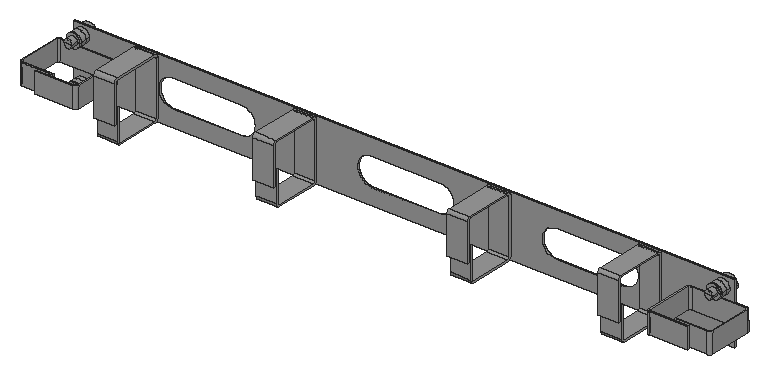
Revit family "ITK Кабельный органайзер 1U 2 боковых горизонтальных и 4 вертикальных кольца", category Обобщенные модели, Revit 2016
Family settings
  Тип детали = Нормальный
  Может служить основой для арматурных стержней = Нет
  Размер круглого соединителя = Использовать диаметр
  На основе рабочей плоскости = Нет
  Всегда вертикально = Да
  При загрузке вырезать с полостями = Нет
  Общий = Нет
  Точка расчета площади = Нет
Parameters (values of type "CO35-1M6R")
  Ширина = 483 mm
  Высота = 44.5 mm
  Описание = "19-дюймовые кабельные организаторы ITK предназначены для горизонтальной организации кабеля и кабельных пучков в шкафах и стойках для укладки кабелей в пространствах между коммутационными панелями и установленным активным оборудованием, обеспечивают их поддержку в пределах монтажной высоты шкафа, гарантируют необходимый радиус изгиба коммутационных шнуров и кабеля при подведении их к оборудованию, позволяют избежать перекручивания и спутывания кабелей. При использовании кабельных организаторов существенно снижается вероятность появления сильных перегибов и изломов кабелей, повышается скорость и эффективность работы IT-специалистов и администраторов при обслуживании шкафов и стоек.\r\n\r\nКабельные органайзеры устанавливаются на 19-дюймовые монтажные профили, занимая при этом один или два юнита полезной высоты. Монтаж осуществляется с помощью крепежа винт-шайба-гайка.\r\n\r\nГоризонтальные кабельные организаторы представлены двумя основными видами: открытый органайзер с кольцами или закрытого типа с крышкой. Высота органайзеров: 1U или 2U. Материал: листовая сталь. В комплект поставки входит органайзер и комплект крепежа.\r\nСовместимы со всеми 19-дюймовыми шкафами и стойками ITK.\r\nОбладают современным привлекательным дизайном и продуманной конструкцией.\r\nУдобны в монтаже и эксплуатации.\r\nСоответствие международным стандартам ISO9001, IEC 297, ISO/IEC 11801. \r\nСертифицированы по ГОСТ Р.\r\nВсе аксессуары идут с крепежом.\r\nВозможно исполнение в двух цветах: серый (RAL7035) и черный (RAL9005).\r\nВсегда в наличии на складе.\r\nГарантия на все аксессуары до 2-х лет."  # constant formula
  Материал = Окраска - RAL 7035
  Type Comments = ""
  Изготовитель = "ITK"  # constant formula
  Глубина = 12 mm
  URL = "http://www.itk-group.ru/produktsiya/catalog/?page=section&id=564&pagen=1&pagec=100"
  ADSK_Примечание = ""
  ADSK_Позиция [instance] = ""
  ADSK_Наименование краткое = "CO35-1M6R"
  ADSK_Наименование = "ITK Кабельный органайзер 1U 2 боковых горизонтальных и 4 вертикальных кольца, серый"
  ADSK_Масса = 0
  ADSK_Марка = "CO35-1M6R"
  ADSK_Код изделия = ""
  ADSK_Завод-изготовитель = "IEK"
  ADSK_Единица измерения = "шт"
  ADSK_Группирование = "I. ЩИТЫ И ПУЛЬТЫ"
Types (2, lengths in mm): name | Материал | ADSK_Наименование краткое | ADSK_Наименование | ADSK_Марка
  CO05-1M6R | Окраска - RAL 9005 | "CO05-1M6R" | "ITK Кабельный органайзер 1U 2 боковых горизонтальных и 4 вертикальных кольца, черный" | "CO05-1M6R"
  CO35-1M6R | Окраска - RAL 7035 | "CO35-1M6R" | "ITK Кабельный органайзер 1U 2 боковых горизонтальных и 4 вертикальных кольца, серый" | "CO35-1M6R"
Reference planes
  plane 1 "По центру (Вперед/Назад)": y = 0
  plane 2: z = 0
  plane 3 "По центру (Влево/Вправо)": x = 0
  plane 4: x = -241.5
  plane 5: x = 241.5
  plane 6: y = -1
  plane 7: x = -223.188
  plane 8: x = 222.388
  plane 9: z = 44.5
  plane 10: y = 11
  plane 11: x = -173
  plane 12: x = -98
  plane 13: x = -83
  plane 14: x = -8
  plane 15: x = 7
  plane 16: x = 173
  plane 17: x = 98
  plane 18: x = 83
  plane 19: z = 5.937
  plane 20: z = 38.25
  plane 21: z = 22.25
Forms (mm)
  Extrusion 1, solid, material "Окраска - RAL 7035" <- "Материал", detail levels fine
    sketch origin (0, 0, 0) x (1, 0, 0) y (0, 1, 0)
      loop
        line (-241.5, 0) -> (-241.5, -1) -> (241.5, -1) -> (241.5, 0) -> (-241.5, 0)
    from 0 to 44.5
  Extrusion 2, void
    sketch origin (-2000, -1, 1200) x (-1, 0, 0) y (0, 0, -1)
      loop
        circle (-1765.975, 1161.75) r 2.967
      loop
        circle (-1765.975, 1194.062) r 2.967
      loop
        circle (-2234.025, 1161.75) r 2.967
      loop
        circle (-2234.025, 1194.062) r 2.967
    from -1 to 0
  Revolve 3, solid, material "Окраска - RAL 7035" <- "Материал", detail levels fine
    sketch origin (0, 29.553, 5.938) x (0, 1, 0) y (-1, 0, 0)
      loop
        line (-44.803, 236.911) -> (-44.803, 234.025) -> (-26.053, 234.025) -> (-26.053, 240.161) -> (-29.553, 240.161) -> (-29.553, 236.911) -> (-32.003, 236.911) -> (-32.003, 239.143)
        arc (-32.003, 239.143) -> (-33.603, 239.05) -> (-35.203, 239.122) r 15.465
        line (-35.203, 239.122) -> (-39.203, 239.122)
        arc (-39.203, 239.122) -> (-39.704, 239.122) -> (-40.203, 239.083) r 6.422
        line (-40.203, 239.083) -> (-40.203, 236.911) -> (-44.803, 236.911)
      axis (-26.053, 234.025) -> (-44.803, 234.025)
    angle from 0 to 360
  Revolve 4, solid, material "Окраска - RAL 7035" <- "Материал", detail levels fine
    sketch origin (0, 30.928, 38.25) x (0, 1, 0) y (-1, 0, 0)
      loop
        line (-46.178, 236.911) -> (-46.178, 234.025) -> (-27.428, 234.025) -> (-27.428, 240.161) -> (-30.928, 240.161) -> (-30.928, 236.911) -> (-33.378, 236.911) -> (-33.378, 239.143)
        arc (-33.378, 239.143) -> (-34.978, 239.05) -> (-36.578, 239.122) r 15.465
        line (-36.578, 239.122) -> (-40.578, 239.122)
        arc (-40.578, 239.122) -> (-41.079, 239.122) -> (-41.578, 239.083) r 6.422
        line (-41.578, 239.083) -> (-41.578, 236.911) -> (-46.178, 236.911)
      axis (-27.428, 234.025) -> (-46.178, 234.025)
    angle from 0 to 360
  Revolve 5, solid, material "Окраска - RAL 7035" <- "Материал", detail levels fine
    sketch origin (467.046, 30.928, 38.25) x (0, 1, 0) y (-1, 0, 0)
      loop
        line (-46.178, 235.911) -> (-46.178, 233.025) -> (-27.428, 233.025) -> (-27.428, 239.161) -> (-30.928, 239.161) -> (-30.928, 235.911) -> (-33.378, 235.911) -> (-33.378, 238.143)
        arc (-33.378, 238.143) -> (-34.978, 238.05) -> (-36.578, 238.122) r 15.465
        line (-36.578, 238.122) -> (-40.578, 238.122)
        arc (-40.578, 238.122) -> (-41.079, 238.122) -> (-41.578, 238.083) r 6.422
        line (-41.578, 238.083) -> (-41.578, 235.911) -> (-46.178, 235.911)
      axis (-27.428, 233.025) -> (-46.178, 233.025)
    angle from 0 to 360
  Revolve 6, solid, material "Окраска - RAL 7035" <- "Материал", detail levels fine
    sketch origin (0, 30.928, 5.938) x (0, 1, 0) y (-1, 0, 0)
      loop
        line (-46.178, -231.135) -> (-46.178, -234.021) -> (-27.428, -234.021) -> (-27.428, -227.885) -> (-30.928, -227.885) -> (-30.928, -231.135) -> (-33.378, -231.135) -> (-33.378, -228.903)
        arc (-33.378, -228.903) -> (-34.978, -228.997) -> (-36.578, -228.924) r 15.465
        line (-36.578, -228.924) -> (-40.578, -228.924)
        arc (-40.578, -228.924) -> (-41.079, -228.924) -> (-41.578, -228.963) r 6.422
        line (-41.578, -228.963) -> (-41.578, -231.135) -> (-46.178, -231.135)
      axis (-27.428, -234.021) -> (-46.178, -234.021)
    angle from 0 to 360
  Extrusion 7, void
    sketch origin (-2000, -1, 1200) x (1, 0, 0) y (0, 0, -1)
      loop
        line (1831.505, 1167.429) -> (1881.157, 1167.429)
        arc (1881.157, 1167.429) -> (1891.477, 1177.75) -> (1881.157, 1188.071) r 10.321
        line (1881.157, 1188.071) -> (1831.505, 1188.071)
        arc (1831.505, 1188.071) -> (1821.184, 1177.75) -> (1831.505, 1167.429) r 10.321
      loop
        line (1976.505, 1167.429) -> (2026.157, 1167.429)
        arc (2026.157, 1167.429) -> (2036.477, 1177.75) -> (2026.157, 1188.071) r 10.321
        line (2026.157, 1188.071) -> (1976.505, 1188.071)
        arc (1976.505, 1188.071) -> (1966.184, 1177.75) -> (1976.505, 1167.429) r 10.321
      loop
        line (2111.505, 1167.429) -> (2161.157, 1167.429)
        arc (2161.157, 1167.429) -> (2171.477, 1177.75) -> (2161.157, 1188.071) r 10.321
        line (2161.157, 1188.071) -> (2111.505, 1188.071)
        arc (2111.505, 1188.071) -> (2101.184, 1177.75) -> (2111.505, 1167.429) r 10.321
    from 0 to 1
  Sweep 8, solid, material "Окраска - RAL 7035" <- "Материал", detail levels fine
    path origin (12.076, 0, 0) x (1, 0, 0) y (0, 1, 0)
      loop
        line (-207.278, -16) -> (-192.269, -16)
    profile origin (-187.698, -16, 0) x (0, 1, 0) y (0, 0, 1)
      loop
        line (13.966, 42.073) -> (13.966, 2.427)
        arc (13.966, 2.427) -> (13.548, 1.418) -> (12.539, 1) r 1.427
        line (12.539, 1) -> (-18.621, 1)
        arc (-18.621, 1) -> (-19.63, 1.418) -> (-20.048, 2.427) r 1.427
        line (-20.048, 2.427) -> (-20.048, 25.016) -> (-21.048, 25.016) -> (-21.048, 2.427)
        arc (-21.048, 2.427) -> (-20.337, 0.711) -> (-18.621, 0) r 2.427
        line (-18.621, 0) -> (12.573, 0)
        arc (12.573, 0) -> (14.289, 0.711) -> (15, 2.427) r 2.427
        line (15, 2.427) -> (15, 42.073)
        arc (15, 42.073) -> (14.289, 43.789) -> (12.573, 44.5) r 2.427
        line (12.573, 44.5) -> (-21.624, 44.5)
        arc (-21.624, 44.5) -> (-23.321, 43.797) -> (-24.024, 42.1) r 2.4
        line (-24.024, 42.1) -> (-24.024, 14.609) -> (-23.024, 14.609) -> (-23.024, 42.1)
        arc (-23.024, 42.1) -> (-22.614, 43.09) -> (-21.624, 43.5) r 1.4
        line (-21.624, 43.5) -> (12.539, 43.5)
        arc (12.539, 43.5) -> (13.548, 43.082) -> (13.966, 42.073) r 1.427
  Sweep 9, solid, material "Окраска - RAL 7035" <- "Материал", detail levels fine
    path origin (128.108, 0, 0) x (1, 0, 0) y (0, 1, 0)
      loop
        line (-207.278, -16) -> (-192.269, -16)
    profile origin (-71.665, -16, 0) x (0, 1, 0) y (0, 0, 1)
      loop
        line (13.966, 42.073) -> (13.966, 2.427)
        arc (13.966, 2.427) -> (13.548, 1.418) -> (12.539, 1) r 1.427
        line (12.539, 1) -> (-18.621, 1)
        arc (-18.621, 1) -> (-19.63, 1.418) -> (-20.048, 2.427) r 1.427
        line (-20.048, 2.427) -> (-20.048, 25.016) -> (-21.048, 25.016) -> (-21.048, 2.427)
        arc (-21.048, 2.427) -> (-20.337, 0.711) -> (-18.621, 0) r 2.427
        line (-18.621, 0) -> (12.573, 0)
        arc (12.573, 0) -> (14.289, 0.711) -> (15, 2.427) r 2.427
        line (15, 2.427) -> (15, 42.073)
        arc (15, 42.073) -> (14.289, 43.789) -> (12.573, 44.5) r 2.427
        line (12.573, 44.5) -> (-21.624, 44.5)
        arc (-21.624, 44.5) -> (-23.321, 43.797) -> (-24.024, 42.1) r 2.4
        line (-24.024, 42.1) -> (-24.024, 14.609) -> (-23.024, 14.609) -> (-23.024, 42.1)
        arc (-23.024, 42.1) -> (-22.614, 43.09) -> (-21.624, 43.5) r 1.4
        line (-21.624, 43.5) -> (12.539, 43.5)
        arc (12.539, 43.5) -> (13.548, 43.082) -> (13.966, 42.073) r 1.427
  Sweep 10, solid, material "Окраска - RAL 7035" <- "Материал", detail levels fine
    path origin (270, 0, 0) x (1, 0, 0) y (0, 1, 0)
      loop
        line (-207.278, -16) -> (-192.269, -16)
    profile origin (70.226, -16, 0) x (0, 1, 0) y (0, 0, 1)
      loop
        line (13.966, 42.073) -> (13.966, 2.427)
        arc (13.966, 2.427) -> (13.548, 1.418) -> (12.539, 1) r 1.427
        line (12.539, 1) -> (-18.621, 1)
        arc (-18.621, 1) -> (-19.63, 1.418) -> (-20.048, 2.427) r 1.427
        line (-20.048, 2.427) -> (-20.048, 25.016) -> (-21.048, 25.016) -> (-21.048, 2.427)
        arc (-21.048, 2.427) -> (-20.337, 0.711) -> (-18.621, 0) r 2.427
        line (-18.621, 0) -> (12.573, 0)
        arc (12.573, 0) -> (14.289, 0.711) -> (15, 2.427) r 2.427
        line (15, 2.427) -> (15, 42.073)
        arc (15, 42.073) -> (14.289, 43.789) -> (12.573, 44.5) r 2.427
        line (12.573, 44.5) -> (-21.624, 44.5)
        arc (-21.624, 44.5) -> (-23.321, 43.797) -> (-24.024, 42.1) r 2.4
        line (-24.024, 42.1) -> (-24.024, 14.609) -> (-23.024, 14.609) -> (-23.024, 42.1)
        arc (-23.024, 42.1) -> (-22.614, 43.09) -> (-21.624, 43.5) r 1.4
        line (-21.624, 43.5) -> (12.539, 43.5)
        arc (12.539, 43.5) -> (13.548, 43.082) -> (13.966, 42.073) r 1.427
  Sweep 11, solid, material "Окраска - RAL 7035" <- "Материал", detail levels fine
    path origin (380.278, 0, 0) x (1, 0, 0) y (0, 1, 0)
      loop
        line (-207.278, -16) -> (-192.269, -16)
    profile origin (180.505, -16, 0) x (0, 1, 0) y (0, 0, 1)
      loop
        line (13.966, 42.073) -> (13.966, 2.427)
        arc (13.966, 2.427) -> (13.548, 1.418) -> (12.539, 1) r 1.427
        line (12.539, 1) -> (-18.621, 1)
        arc (-18.621, 1) -> (-19.63, 1.418) -> (-20.048, 2.427) r 1.427
        line (-20.048, 2.427) -> (-20.048, 25.016) -> (-21.048, 25.016) -> (-21.048, 2.427)
        arc (-21.048, 2.427) -> (-20.337, 0.711) -> (-18.621, 0) r 2.427
        line (-18.621, 0) -> (12.573, 0)
        arc (12.573, 0) -> (14.289, 0.711) -> (15, 2.427) r 2.427
        line (15, 2.427) -> (15, 42.073)
        arc (15, 42.073) -> (14.289, 43.789) -> (12.573, 44.5) r 2.427
        line (12.573, 44.5) -> (-21.624, 44.5)
        arc (-21.624, 44.5) -> (-23.321, 43.797) -> (-24.024, 42.1) r 2.4
        line (-24.024, 42.1) -> (-24.024, 14.609) -> (-23.024, 14.609) -> (-23.024, 42.1)
        arc (-23.024, 42.1) -> (-22.614, 43.09) -> (-21.624, 43.5) r 1.4
        line (-21.624, 43.5) -> (12.539, 43.5)
        arc (12.539, 43.5) -> (13.548, 43.082) -> (13.966, 42.073) r 1.427
  Sweep 12, solid, material "Окраска - RAL 7035" <- "Материал", detail levels fine
    path origin (252.9, 0, 222.024) x (0, 0, 1) y (0, 1, 0)
      loop
        line (-207.278, -16) -> (-192.269, -16)
    profile origin (252.9, -16, 22.25) x (0, 1, 0) y (-1, 0, 0)
      loop
        line (13.966, 42.073) -> (13.966, 2.427)
        arc (13.966, 2.427) -> (13.548, 1.418) -> (12.539, 1) r 1.427
        line (12.539, 1) -> (-18.621, 1)
        arc (-18.621, 1) -> (-19.63, 1.418) -> (-20.048, 2.427) r 1.427
        line (-20.048, 2.427) -> (-20.048, 25.016) -> (-21.048, 25.016) -> (-21.048, 2.427)
        arc (-21.048, 2.427) -> (-20.337, 0.711) -> (-18.621, 0) r 2.427
        line (-18.621, 0) -> (12.573, 0)
        arc (12.573, 0) -> (14.289, 0.711) -> (15, 2.427) r 2.427
        line (15, 2.427) -> (15, 42.073)
        arc (15, 42.073) -> (14.289, 43.789) -> (12.573, 44.5) r 2.427
        line (12.573, 44.5) -> (-21.624, 44.5)
        arc (-21.624, 44.5) -> (-23.321, 43.797) -> (-24.024, 42.1) r 2.4
        line (-24.024, 42.1) -> (-24.024, 14.609) -> (-23.024, 14.609) -> (-23.024, 42.1)
        arc (-23.024, 42.1) -> (-22.614, 43.09) -> (-21.624, 43.5) r 1.4
        line (-21.624, 43.5) -> (12.539, 43.5)
        arc (12.539, 43.5) -> (13.548, 43.082) -> (13.966, 42.073) r 1.427
  Sweep 13, solid, material "Окраска - RAL 7035" <- "Материал", detail levels fine
    path origin (-252.9, 0, 222.024) x (0, 0, 1) y (0, -1, 0)
      loop
        line (-207.278, 16) -> (-192.269, 16)
    profile origin (-252.9, -16, 22.25) x (0, -1, 0) y (1, 0, 0)
      loop
        arc (-13.966, 42.073) -> (-13.548, 43.082) -> (-12.539, 43.5) r 1.427
        line (-12.539, 43.5) -> (21.624, 43.5)
        arc (21.624, 43.5) -> (22.614, 43.09) -> (23.024, 42.1) r 1.4
        line (23.024, 42.1) -> (23.024, 14.609) -> (24.024, 14.609) -> (24.024, 42.1)
        arc (24.024, 42.1) -> (23.321, 43.797) -> (21.624, 44.5) r 2.4
        line (21.624, 44.5) -> (-12.573, 44.5)
        arc (-12.573, 44.5) -> (-14.289, 43.789) -> (-15, 42.073) r 2.427
        line (-15, 42.073) -> (-15, 2.427)
        arc (-15, 2.427) -> (-14.289, 0.711) -> (-12.573, 0) r 2.427
        line (-12.573, 0) -> (18.621, 0)
        arc (18.621, 0) -> (20.337, 0.711) -> (21.048, 2.427) r 2.427
        line (21.048, 2.427) -> (21.048, 25.016) -> (20.048, 25.016) -> (20.048, 2.427)
        arc (20.048, 2.427) -> (19.63, 1.418) -> (18.621, 1) r 1.427
        line (18.621, 1) -> (-12.539, 1)
        arc (-12.539, 1) -> (-13.548, 1.418) -> (-13.966, 2.427) r 1.427
        line (-13.966, 2.427) -> (-13.966, 42.073)
Cuts and joins
  Extrusion 2, Extrusion 7 cuts Extrusion 1
Dimensions and locks
  equal spacing: plane 4, plane 3 "По центру (Влево/Вправо)", plane 5
  "Ширина": plane 4 to plane 5
  plane 8 to plane 5 = 19.112 mm
  plane 4 to plane 7 = 18.312 mm
  "Высота": plane 9 to plane 2
  plane 6 to plane 1 "По центру (Вперед/Назад)" = 1 mm
  "Глубина": plane 6 to plane 10
  plane 19 to plane 2 = 5.937 mm
  plane 9 to plane 20 = 6.25 mm
  equal spacing: plane 9, plane 21, plane 2
  aligned and locked: level to plane 2
  aligned and locked: plane 1 "По центру (Вперед/Назад)" to Extrusion 1 sketch curve
  aligned and locked: plane 4 to Extrusion 1 sketch curve
  aligned and locked: Extrusion 1 sketch curve to plane 6
  aligned and locked: plane 5 to Extrusion 1 sketch curve
  aligned and locked: plane 9 to Extrusion 1
  aligned and locked: Extrusion 1 to plane 2
  aligned and locked: Extrusion 2 to plane 1 "По центру (Вперед/Назад)"
  aligned and locked: plane 6 to Extrusion 2
  aligned and locked: Revolve 3 sketch curve to Revolve 3 sketch curve
  aligned and locked: Revolve 4 sketch curve to Revolve 4 sketch curve
  aligned and locked: Revolve 5 sketch curve to Revolve 5 sketch curve
  aligned and locked: Revolve 6 sketch curve to Revolve 6 sketch curve
  aligned and locked: Sweep 8 sketch curve to plane 9
  aligned and locked: Sweep 9 sketch curve to plane 9
  aligned and locked: Sweep 10 sketch curve to plane 9
  aligned and locked: Sweep 11 sketch curve to plane 9
Automatic sketch dimensions
  Extrusion 2 sketch curve to plane 20 = 0 mm  (x2)
  Extrusion 2 sketch curve to plane 19 = 0 mm  (x2)
  Extrusion 2 sketch curve to plane 5 = 7.475 mm  (x2)
  Extrusion 2 sketch curve to plane 4 = 7.475 mm  (x2)
  plane 1 "По центру (Вперед/Назад)" to Revolve 3 sketch curve = 0 mm
  plane 6 to Revolve 3 sketch curve = 1.45 mm
  plane 6 to Revolve 3 sketch curve = 3.15 mm
  Revolve 3 sketch curve to Revolve 3 sketch curve = 3.2 mm
  Revolve 3 sketch curve to Revolve 3 sketch curve = 4 mm
  Revolve 3 sketch curve to Revolve 3 sketch curve = 0.25 mm
  Revolve 3 sketch curve to Revolve 3 sketch curve = 1 mm
  Revolve 3 sketch curve to Revolve 3 sketch curve = 4.6 mm
  Revolve 3 sketch curve to plane 1 "По центру (Вперед/Назад)" = 3.5 mm
  plane 4 to Revolve 3 sketch curve = 8.795 mm
  Revolve 3 sketch curve to Revolve 3 sketch curve = 1.32 mm
  Revolve 3 sketch curve to Revolve 3 sketch curve = 4.206 mm
  Revolve 3 sketch curve to Revolve 3 sketch curve = 2.886 mm
  Revolve 3 sketch curve to Revolve 3 sketch curve = 2.172 mm
  Revolve 3 sketch curve to Revolve 3 sketch curve = 2.232 mm
  plane 4 to Revolve 3 sketch curve = 1.339 mm
  Revolve 3 sketch curve to Revolve 3 sketch curve = 0 mm  (x2)
  plane 1 "По центру (Вперед/Назад)" to Revolve 4 sketch curve = 0 mm
  plane 6 to Revolve 4 sketch curve = 1.45 mm
  plane 6 to Revolve 4 sketch curve = 3.15 mm
  Revolve 4 sketch curve to Revolve 4 sketch curve = 3.2 mm
  Revolve 4 sketch curve to Revolve 4 sketch curve = 4 mm
  Revolve 4 sketch curve to Revolve 4 sketch curve = 0.25 mm
  Revolve 4 sketch curve to Revolve 4 sketch curve = 1 mm
  Revolve 4 sketch curve to Revolve 4 sketch curve = 4.6 mm
  Revolve 4 sketch curve to plane 1 "По центру (Вперед/Назад)" = 3.5 mm
  plane 4 to Revolve 4 sketch curve = 8.795 mm
  Revolve 4 sketch curve to Revolve 4 sketch curve = 1.32 mm
  Revolve 4 sketch curve to Revolve 4 sketch curve = 4.206 mm
  Revolve 4 sketch curve to Revolve 4 sketch curve = 2.886 mm
  Revolve 4 sketch curve to Revolve 4 sketch curve = 2.172 mm
  Revolve 4 sketch curve to Revolve 4 sketch curve = 2.232 mm
  plane 4 to Revolve 4 sketch curve = 1.339 mm
  Revolve 4 sketch curve to Revolve 4 sketch curve = 0 mm  (x2)
  plane 1 "По центру (Вперед/Назад)" to Revolve 5 sketch curve = 0 mm
  plane 6 to Revolve 5 sketch curve = 1.45 mm
  plane 6 to Revolve 5 sketch curve = 3.15 mm
  Revolve 5 sketch curve to Revolve 5 sketch curve = 3.2 mm
  Revolve 5 sketch curve to Revolve 5 sketch curve = 4 mm
  Revolve 5 sketch curve to Revolve 5 sketch curve = 0.25 mm
  Revolve 5 sketch curve to Revolve 5 sketch curve = 1 mm
  Revolve 5 sketch curve to Revolve 5 sketch curve = 4.6 mm
  Revolve 5 sketch curve to plane 1 "По центру (Вперед/Назад)" = 3.5 mm
  plane 5 to Revolve 5 sketch curve = 6.159 mm
  Revolve 5 sketch curve to Revolve 5 sketch curve = 1.32 mm
  Revolve 5 sketch curve to Revolve 5 sketch curve = 4.206 mm
  Revolve 5 sketch curve to Revolve 5 sketch curve = 2.886 mm
  Revolve 5 sketch curve to Revolve 5 sketch curve = 2.172 mm
  Revolve 5 sketch curve to Revolve 5 sketch curve = 2.232 mm
  Revolve 5 sketch curve to Revolve 5 sketch curve = 1.018 mm
  Revolve 5 sketch curve to Revolve 5 sketch curve = 0 mm  (x2)
  plane 1 "По центру (Вперед/Назад)" to Revolve 6 sketch curve = 0 mm
  plane 6 to Revolve 6 sketch curve = 1.45 mm
  plane 6 to Revolve 6 sketch curve = 3.15 mm
  Revolve 6 sketch curve to Revolve 6 sketch curve = 3.2 mm
  Revolve 6 sketch curve to Revolve 6 sketch curve = 4 mm
  Revolve 6 sketch curve to Revolve 6 sketch curve = 0.25 mm
  Revolve 6 sketch curve to Revolve 6 sketch curve = 1 mm
  Revolve 6 sketch curve to Revolve 6 sketch curve = 4.6 mm
  Revolve 6 sketch curve to plane 1 "По центру (Вперед/Назад)" = 3.5 mm
  plane 5 to Revolve 6 sketch curve = 6.159 mm
  Revolve 6 sketch curve to Revolve 6 sketch curve = 1.32 mm
  Revolve 6 sketch curve to Revolve 6 sketch curve = 4.206 mm
  Revolve 6 sketch curve to Revolve 6 sketch curve = 2.886 mm
  Revolve 6 sketch curve to Revolve 6 sketch curve = 2.172 mm
  Revolve 6 sketch curve to Revolve 6 sketch curve = 2.232 mm
  Revolve 6 sketch curve to Revolve 6 sketch curve = 1.018 mm
  Revolve 6 sketch curve to Revolve 6 sketch curve = 0 mm  (x2)
  Extrusion 7 sketch curve to plane 21 = 0 mm  (x3)
  Extrusion 7 sketch curve to plane 11 = 4.505 mm
  plane 12 to Extrusion 7 sketch curve = 20.843 mm
  plane 20 to Extrusion 7 sketch curve = 5.679 mm  (x2)
  plane 14 to Extrusion 7 sketch curve = 15.495 mm
  Extrusion 7 sketch curve to plane 15 = 19.157 mm
  plane 17 to Extrusion 7 sketch curve = 13.505 mm
  Extrusion 7 sketch curve to plane 16 = 11.843 mm
  Extrusion 7 sketch curve to plane 19 = 5.992 mm
  Sweep 8 sketch curve to plane 11 = 22.202 mm
  Sweep 8 sketch curve to plane 11 = 7.193 mm
  plane 6 to Sweep 8 sketch curve = 15 mm
  Sweep 8 sketch curve to Sweep 8 sketch curve = 0 mm  (x4)
  Sweep 8 sketch curve to level = 0 mm
  profile plane to Sweep 8 sketch curve = 24.024 mm
  Sweep 8 sketch curve to Sweep 8 sketch curve = 1 mm  (x2)
  Sweep 8 sketch curve to Sweep 8 sketch curve = 1.4 mm
  Sweep 8 sketch curve to Sweep 8 sketch curve = 1.976 mm
  Sweep 8 sketch curve to Sweep 8 sketch curve = 1.427 mm
  Sweep 8 sketch curve to profile plane = 12.539 mm  (x2)
  Sweep 8 sketch curve to Sweep 8 sketch curve = 0.034 mm  (x2)
  Sweep 8 sketch curve to Sweep 8 sketch curve = 1.393 mm
  Sweep 8 sketch curve to Sweep 8 sketch curve = 1.034 mm
  Sweep 8 sketch curve to Sweep 8 sketch curve = 12.182 mm
  Sweep 8 sketch curve to Sweep 8 sketch curve = 10.406 mm
  plane 13 to Sweep 9 sketch curve = 3.83 mm
  plane 6 to Sweep 9 sketch curve = 15 mm
  Sweep 9 sketch curve to Sweep 9 sketch curve = 15.009 mm
  Sweep 9 sketch curve to Sweep 9 sketch curve = 0 mm  (x4)
  Sweep 9 sketch curve to level = 0 mm
  profile plane to Sweep 9 sketch curve = 24.024 mm
  Sweep 9 sketch curve to Sweep 9 sketch curve = 1 mm  (x2)
  Sweep 9 sketch curve to Sweep 9 sketch curve = 1.4 mm
  Sweep 9 sketch curve to Sweep 9 sketch curve = 1.976 mm
  Sweep 9 sketch curve to Sweep 9 sketch curve = 1.427 mm
  Sweep 9 sketch curve to profile plane = 12.539 mm  (x2)
  Sweep 9 sketch curve to Sweep 9 sketch curve = 0.034 mm  (x2)
  Sweep 9 sketch curve to Sweep 9 sketch curve = 1.393 mm
  Sweep 9 sketch curve to Sweep 9 sketch curve = 1.034 mm
  Sweep 9 sketch curve to Sweep 9 sketch curve = 12.182 mm
  Sweep 9 sketch curve to Sweep 9 sketch curve = 10.406 mm
  plane 18 to Sweep 10 sketch curve = 20.278 mm
  plane 18 to Sweep 10 sketch curve = 5.269 mm
  plane 6 to Sweep 10 sketch curve = 15 mm
  Sweep 10 sketch curve to Sweep 10 sketch curve = 0 mm  (x4)
  Sweep 10 sketch curve to level = 0 mm
  profile plane to Sweep 10 sketch curve = 24.024 mm
  Sweep 10 sketch curve to Sweep 10 sketch curve = 1 mm  (x2)
  Sweep 10 sketch curve to Sweep 10 sketch curve = 1.4 mm
  Sweep 10 sketch curve to Sweep 10 sketch curve = 1.976 mm
  Sweep 10 sketch curve to Sweep 10 sketch curve = 1.427 mm
  Sweep 10 sketch curve to profile plane = 12.539 mm  (x2)
  Sweep 10 sketch curve to Sweep 10 sketch curve = 0.034 mm  (x2)
  Sweep 10 sketch curve to Sweep 10 sketch curve = 1.393 mm
  Sweep 10 sketch curve to Sweep 10 sketch curve = 1.034 mm
  Sweep 10 sketch curve to Sweep 10 sketch curve = 12.182 mm
  Sweep 10 sketch curve to Sweep 10 sketch curve = 10.406 mm
  Sweep 11 sketch curve to plane 16 = 0 mm
  plane 6 to Sweep 11 sketch curve = 15 mm
  Sweep 11 sketch curve to Sweep 11 sketch curve = 15.009 mm
  Sweep 11 sketch curve to Sweep 11 sketch curve = 0 mm  (x4)
  Sweep 11 sketch curve to level = 0 mm
  profile plane to Sweep 11 sketch curve = 24.024 mm
  Sweep 11 sketch curve to Sweep 11 sketch curve = 1 mm  (x2)
  Sweep 11 sketch curve to Sweep 11 sketch curve = 1.4 mm
  Sweep 11 sketch curve to Sweep 11 sketch curve = 1.976 mm
  Sweep 11 sketch curve to Sweep 11 sketch curve = 1.427 mm
  Sweep 11 sketch curve to profile plane = 12.539 mm  (x2)
  Sweep 11 sketch curve to Sweep 11 sketch curve = 0.034 mm  (x2)
  Sweep 11 sketch curve to Sweep 11 sketch curve = 1.393 mm
  Sweep 11 sketch curve to Sweep 11 sketch curve = 1.034 mm
  Sweep 11 sketch curve to Sweep 11 sketch curve = 12.182 mm
  Sweep 11 sketch curve to Sweep 11 sketch curve = 10.406 mm
  Sweep 12 sketch curve to plane 21 = 7.505 mm
  plane 6 to Sweep 12 sketch curve = 15 mm
  plane 21 to Sweep 12 sketch curve = 7.505 mm
  Sweep 12 sketch curve to Sweep 12 sketch curve = 0 mm  (x4)
  Sweep 12 sketch curve to profile plane = 0 mm
  profile plane to Sweep 12 sketch curve = 24.024 mm
  Sweep 12 sketch curve to Sweep 12 sketch curve = 1 mm  (x2)
  Sweep 12 sketch curve to Sweep 12 sketch curve = 1.4 mm
  Sweep 12 sketch curve to Sweep 12 sketch curve = 1.976 mm
  Sweep 12 sketch curve to Sweep 12 sketch curve = 1.427 mm
  Sweep 12 sketch curve to profile plane = 12.539 mm  (x2)
  Sweep 12 sketch curve to Sweep 12 sketch curve = 0.034 mm  (x2)
  Sweep 12 sketch curve to Sweep 12 sketch curve = 1.393 mm
  Sweep 12 sketch curve to Sweep 12 sketch curve = 1.034 mm
  Sweep 12 sketch curve to Sweep 12 sketch curve = 12.182 mm
  Sweep 12 sketch curve to Sweep 12 sketch curve = 10.406 mm
  Sweep 12 sketch curve to Sweep 12 sketch curve = 17.057 mm
  Sweep 13 sketch curve to plane 21 = 7.505 mm
  plane 6 to Sweep 13 sketch curve = 15 mm
  plane 21 to Sweep 13 sketch curve = 7.505 mm
  Sweep 13 sketch curve to Sweep 13 sketch curve = 0 mm  (x4)
  Sweep 13 sketch curve to profile plane = 0 mm
  profile plane to Sweep 13 sketch curve = 15 mm
  Sweep 13 sketch curve to Sweep 13 sketch curve = 1.034 mm
  Sweep 13 sketch curve to Sweep 13 sketch curve = 1.393 mm  (x2)
  Sweep 13 sketch curve to Sweep 13 sketch curve = 0.034 mm  (x2)
  profile plane to Sweep 13 sketch curve = 2.427 mm
  Sweep 13 sketch curve to profile plane = 18.621 mm
  Sweep 13 sketch curve to Sweep 13 sketch curve = 1 mm  (x2)
  Sweep 13 sketch curve to Sweep 13 sketch curve = 0.576 mm
  Sweep 13 sketch curve to Sweep 13 sketch curve = 1.976 mm
  Sweep 13 sketch curve to Sweep 13 sketch curve = 12.182 mm
  Sweep 13 sketch curve to Sweep 13 sketch curve = 10.406 mm
  Sweep 13 sketch curve to Sweep 13 sketch curve = 17.057 mm
  radius of Extrusion 2 sketch curve = 2.967 mm  (x4)
